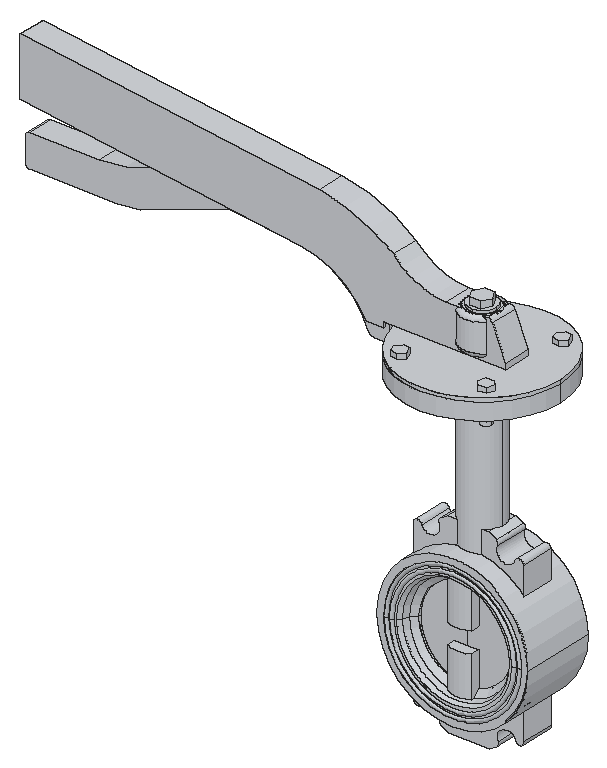
Revit family "R59WY005", category Plumbing Fixtures, Revit 2015
Reference planes
  plane 1 "Center (Front/Back)": y = 0
  plane 2: z = 0
  plane 3 "Center (Left/Right)": x = 0
  plane 4: z = 140
  plane 5: x = -260
  plane 6: z = 217
  plane 7: z = 187
  plane 8: z = -63.5
  plane 9: z = -30
  plane 10: z = 170
  plane 11: z = -30
  plane 12: y = -21.488
  plane 13: y = 21.512
Forms (mm)
  Extrusion 1, solid
    sketch origin (0, 0, 130) x (1, 0, 0) y (0, 1, 0)
      loop
        circle (0, 0) r 45
    from 0 to 10
  Extrusion 2, solid
    sketch origin (0, 0, -76.95) x (1, 0, 0) y (0, 1, 0)
      loop
        circle (0, 0) r 12
    from 118.947 to 206.95
  Revolve 3, solid
    sketch origin (0, 0, 0) x (0, 1, 0) y (0, 0, 1)
      loop
        line (-1.078, -33.5) -> (1.078, -33.5) -> (1.078, -32.566)
        arc (1.078, -32.566) -> (1.953, -31.132) -> (3.478, -30.429) r 2.888
        line (3.478, -30.429) -> (6.599, -30.429)
        arc (6.599, -30.429) -> (9.772, -28.687) -> (11.11, -25.324) r 5.351
        line (11.11, -25.324) -> (11.11, 0) -> (-11.11, 0) -> (-11.11, -27.759)
        arc (-11.11, -27.759) -> (-10.328, -29.647) -> (-8.44, -30.429) r 2.67
        line (-8.44, -30.429) -> (-3.478, -30.429)
        arc (-3.478, -30.429) -> (-1.953, -31.132) -> (-1.078, -32.566) r 2.888
        line (-1.078, -32.566) -> (-1.078, -33.5)
      axis (11.11, 0) -> (-11.11, 0)
    angle from 0 to 360
  Blend 4, solid
    base sketch origin (0, 0, -4.163) x (1, 0, 0) y (0, 1, 0)
      loop
        line (-6.883, 16.4) -> (-6.883, -16.4)
        arc (-6.883, -16.4) -> (0, -18.078) -> (6.883, -16.4) r 14.953
        line (6.883, -16.4) -> (6.883, 16.4)
        arc (6.883, 16.4) -> (0, 18.078) -> (-6.883, 16.4) r 14.953
    top sketch origin (0, 0, 0) x (1, 0, 0) y (0, 1, 0)
      loop
        line (-6.883, 16.4) -> (-6.883, -16.4)
        arc (-6.883, -16.4) -> (0, -18.078) -> (6.883, -16.4) r 14.953
        line (6.883, -16.4) -> (6.883, 16.4)
        arc (6.883, 16.4) -> (0, 18.078) -> (-6.883, 16.4) r 14.953
    from 10.163 to 29.985
  Blend 5, solid
    base sketch origin (0, 0, -38.601) x (0, -1, 0) y (1, 0, 0)
      loop
        line (-16.4, -6.883) -> (16.4, -6.883)
        arc (16.4, -6.883) -> (18.078, 0) -> (16.4, 6.883) r 14.953
        line (16.4, 6.883) -> (-16.4, 6.883)
        arc (-16.4, 6.883) -> (-18.078, 0) -> (-16.4, -6.883) r 14.953
    top sketch origin (0, 0, -35.117) x (0, -1, 0) y (1, 0, 0)
      loop
        line (-16.4, -6.883) -> (16.4, -6.883)
        arc (16.4, -6.883) -> (18.078, 0) -> (16.4, 6.883) r 14.953
        line (16.4, 6.883) -> (-16.4, 6.883)
        arc (-16.4, 6.883) -> (-18.078, 0) -> (-16.4, -6.883) r 14.953
    from 8.998 to 29.117
  Extrusion 6, solid
    sketch origin (99.126, -27.447, 142) x (0, -1, 0) y (1, 0, 0)
      loop
        line (3.99, -123.113) -> (0.805, -120.344) -> (-3.184, -121.718) -> (-3.99, -125.86) -> (-0.805, -128.628) -> (3.184, -127.254) -> (3.99, -123.113)
    from 0 to 3
  Extrusion 7, solid
    sketch origin (99.126, -27.447, 122) x (0, -1, 0) y (1, 0, 0)
      loop
        circle (0, -124.486) r 3
    from 2.505 to 20
  Extrusion 8, solid
    sketch origin (99.126, -27.447, 129) x (0, -1, 0) y (1, 0, 0)
      loop
        line (3.99, -123.113) -> (0.805, -120.344) -> (-3.184, -121.718) -> (-3.99, -125.86) -> (-0.805, -128.628) -> (3.184, -127.254) -> (3.99, -123.113)
      loop
        line (-3.444, -125.672) -> (-0.695, -128.061) -> (2.749, -126.876) -> (3.444, -123.301) -> (0.695, -120.911) -> (-2.749, -122.097) -> (-3.444, -125.672)
    from -1.968 to 1
  Extrusion 9, solid, not visible
    sketch origin (26.117, -96.518, 104.233) x (0, -1, 0) y (1, 0, 0)
      loop
        line (3.99, -123.113) -> (0.805, -120.344) -> (-3.184, -121.718) -> (-3.99, -125.86) -> (-0.805, -128.628) -> (3.184, -127.254) -> (3.99, -123.113)
    from 0 to 3
  Extrusion 10, solid, not visible
    sketch origin (26.117, -96.518, 84.233) x (0, -1, 0) y (1, 0, 0)
      loop
        circle (0, -124.486) r 3
    from 2.505 to 20
  Extrusion 11, solid, not visible
    sketch origin (26.117, -96.518, 91.233) x (0, -1, 0) y (1, 0, 0)
      loop
        line (3.99, -123.113) -> (0.805, -120.344) -> (-3.184, -121.718) -> (-3.99, -125.86) -> (-0.805, -128.628) -> (3.184, -127.254) -> (3.99, -123.113)
      loop
        line (-3.444, -125.672) -> (-0.695, -128.061) -> (2.749, -126.876) -> (3.444, -123.301) -> (0.695, -120.911) -> (-2.749, -122.097) -> (-3.444, -125.672)
    from -1.968 to 1
  Extrusion 12, solid
    sketch origin (0, 0, 140) x (1, 0, 0) y (0, 1, 0)
      loop
        circle (0, 0) r 45
    from 0 to 2
  Extrusion 13, solid
    sketch origin (99.126, -27.447, 142) x (0, -1, 0) y (1, 0, 0)
      loop
        line (-58.884, -123.113) -> (-58.079, -127.254) -> (-54.09, -128.628) -> (-50.905, -125.86) -> (-51.71, -121.718) -> (-55.7, -120.344) -> (-58.884, -123.113)
    from 0 to 3
  Extrusion 14, solid
    sketch origin (99.126, -27.447, 122) x (0, -1, 0) y (1, 0, 0)
      loop
        circle (-54.895, -124.486) r 3
    from 2.505 to 20
  Extrusion 15, solid
    sketch origin (99.126, -27.447, 129) x (0, -1, 0) y (1, 0, 0)
      loop
        line (-58.884, -123.113) -> (-58.079, -127.254) -> (-54.09, -128.628) -> (-50.905, -125.86) -> (-51.71, -121.718) -> (-55.7, -120.344) -> (-58.884, -123.113)
      loop
        line (-51.451, -125.672) -> (-52.146, -122.097) -> (-55.59, -120.911) -> (-58.339, -123.301) -> (-57.644, -126.876) -> (-54.2, -128.061) -> (-51.451, -125.672)
    from -1.968 to 1
  Extrusion 16, solid
    sketch origin (-100.376, 27.447, 142) x (0, 1, 0) y (-1, 0, 0)
      loop
        line (-58.884, -123.113) -> (-58.079, -127.254) -> (-54.09, -128.628) -> (-50.905, -125.86) -> (-51.71, -121.718) -> (-55.7, -120.344) -> (-58.884, -123.113)
    from 0 to 3
  Extrusion 17, solid
    sketch origin (-100.376, 27.447, 122) x (0, 1, 0) y (-1, 0, 0)
      loop
        circle (-54.895, -124.486) r 3
    from 2.505 to 20
  Extrusion 18, solid
    sketch origin (-100.376, 27.447, 129) x (0, 1, 0) y (-1, 0, 0)
      loop
        line (-58.884, -123.113) -> (-58.079, -127.254) -> (-54.09, -128.628) -> (-50.905, -125.86) -> (-51.71, -121.718) -> (-55.7, -120.344) -> (-58.884, -123.113)
      loop
        line (-51.451, -125.672) -> (-52.146, -122.097) -> (-55.59, -120.911) -> (-58.339, -123.301) -> (-57.644, -126.876) -> (-54.2, -128.061) -> (-51.451, -125.672)
    from -1.968 to 1
  Extrusion 19, solid
    sketch origin (-100.376, 27.447, 142) x (0, 1, 0) y (-1, 0, 0)
      loop
        line (3.99, -123.113) -> (0.805, -120.344) -> (-3.184, -121.718) -> (-3.99, -125.86) -> (-0.805, -128.628) -> (3.184, -127.254) -> (3.99, -123.113)
    from 0 to 3
  Extrusion 20, solid
    sketch origin (-100.376, 27.447, 122) x (0, 1, 0) y (-1, 0, 0)
      loop
        circle (0, -124.486) r 3
    from 2.505 to 20
  Extrusion 21, solid
    sketch origin (-100.376, 27.447, 129) x (0, 1, 0) y (-1, 0, 0)
      loop
        line (3.99, -123.113) -> (0.805, -120.344) -> (-3.184, -121.718) -> (-3.99, -125.86) -> (-0.805, -128.628) -> (3.184, -127.254) -> (3.99, -123.113)
      loop
        line (-3.444, -125.672) -> (-0.695, -128.061) -> (2.749, -126.876) -> (3.444, -123.301) -> (0.695, -120.911) -> (-2.749, -122.097) -> (-3.444, -125.672)
    from -1.968 to 1
  Extrusion 22, solid
    sketch origin (125.063, -27.447, 167.144) x (0, -1, 0) y (1, 0, 0)
      loop
        line (-32.638, -122.069) -> (-32.638, -128.062) -> (-27.447, -131.059) -> (-22.257, -128.062) -> (-22.257, -122.069) -> (-27.447, -119.072) -> (-32.638, -122.069)
    from -1.014 to 2.856
  Extrusion 23, solid
    sketch origin (124.477, -54.895, 162.2) x (0, -1, 0) y (1, 0, 0)
      loop
        circle (-54.895, -124.486) r 8
    from -22.2 to 3.931
  Sweep 24, solid
    path origin (0, 0, 0) x (1, 0, 0) y (0, 0, 1)
      loop
        circle (0, 0) r 43.5
    profile origin (0, 0, -43.5) x (0, 0, 1) y (0, -1, 0)
      loop
        line (16.683, -11.945) -> (16.683, 11.945) -> (13.454, 15.174) -> (12.517, 18.672) -> (10.888, 21.014) -> (9.28, 21.014)
        arc (9.28, 21.014) -> (8.267, 22.027) -> (7.253, 21.014) r 1.014
        line (7.253, 21.014) -> (5.98, 21.014)
        arc (5.98, 21.014) -> (4.966, 22.027) -> (3.952, 21.014) r 1.014
        line (3.952, 21.014) -> (0.625, 21.014) -> (0.625, -21.014) -> (3.952, -21.014)
        arc (3.952, -21.014) -> (4.966, -22.027) -> (5.98, -21.014) r 1.014
        line (5.98, -21.014) -> (7.253, -21.014)
        arc (7.253, -21.014) -> (8.267, -22.027) -> (9.28, -21.014) r 1.014
        line (9.28, -21.014) -> (10.888, -21.014) -> (12.517, -18.672) -> (13.454, -15.174) -> (16.683, -11.945)
  Revolve 25, solid
    sketch origin (0, 0, 0) x (1, 0, 0) y (0, 0, 1)
      loop
        line (-9.486, 143.746) -> (0, 143.746) -> (0, 165) -> (-9.486, 165)
        arc (-9.486, 165) -> (-11.259, 164.265) -> (-11.994, 162.492) r 2.508
        line (-11.994, 162.492) -> (-11.994, 146.254)
        arc (-11.994, 146.254) -> (-11.259, 144.481) -> (-9.486, 143.746) r 2.508
      axis (0, 143.746) -> (0, 165)
    angle from 0 to 360
  Sweep 26, solid
    path origin (-0.002, 0, 0) x (1, 0, 0) y (0, 0, 1)
      loop
        circle (0, 0) r 43.5
    profile origin (-0.002, 0, -43.5) x (0, 0, 1) y (0, -1, 0)
      loop
        line (0, 21.488) -> (0, -21.512) -> (3.948, -21.512) -> (3.948, 21.488) -> (0, 21.488)
  Extrusion 27, solid
    sketch origin (-0.01, 45.948, -140.577) x (1, 0, 0) y (0, 0, 1)
      loop
        arc (-14.408, 305.574) -> (-31.009, 309.172) -> (-44.632, 319.319) r 40.102
        arc (-44.632, 319.319) -> (-64.682, 331.561) -> (-87.387, 337.59) r 81.686
        line (-87.387, 337.59) -> (-259.322, 357.495)
        arc (-259.322, 357.495) -> (-259.796, 357.345) -> (-260, 356.891) r 0.608
        line (-260, 356.891) -> (-260, 323.702) -> (-98.154, 304.965)
        arc (-98.154, 304.965) -> (-76.145, 296.857) -> (-60.289, 279.573) r 49.8
        line (-60.289, 279.573) -> (-50.289, 279.573) -> (-50.289, 282.573) -> (19.968, 282.573) -> (19.968, 285.573) -> (12.265, 303.72)
        arc (12.265, 303.72) -> (11.146, 305.067) -> (9.47, 305.574) r 3.044
        line (9.47, 305.574) -> (-14.408, 305.574)
    from 37.966 to 54.11
  Extrusion 28, solid
    sketch origin (-37.793, 45.948, -215.091) x (1, 0, 0) y (0, 0, 1)
      loop
        arc (-22.093, 349.062) -> (-20.549, 347.09) -> (-18.159, 346.344) r 4.207
        line (-18.159, 346.344) -> (-9.636, 346.344) -> (-9.636, 357.087) -> (-17.519, 357.087)
        arc (-17.519, 357.087) -> (-19.393, 357.527) -> (-20.874, 358.756) r 4.207
        line (-20.874, 358.756) -> (-36.673, 388.468)
        arc (-36.673, 388.468) -> (-42.926, 395.877) -> (-51.675, 400.052) r 23.006
        line (-51.675, 400.052) -> (-121.464, 408.132)
        arc (-121.464, 408.132) -> (-146.554, 389.335) -> (-177.106, 382.301) r 75.785
        line (-177.106, 382.301) -> (-217.214, 382.301)
        arc (-217.214, 382.301) -> (-218.486, 381.806) -> (-219.141, 380.609) r 1.995
        line (-219.141, 380.609) -> (-219.141, 365.458)
        arc (-219.141, 365.458) -> (-218.486, 364.261) -> (-217.214, 363.766) r 1.995
        line (-217.214, 363.766) -> (-165.969, 363.766)
        arc (-165.969, 363.766) -> (-159.476, 364.161) -> (-153.041, 365.112) r 75.785
        line (-153.041, 365.112) -> (-102.034, 383.677) -> (-60.442, 378.862)
        arc (-60.442, 378.862) -> (-37.124, 369.314) -> (-22.17, 349.033) r 46.662
    from 38.356 to 53.486
  Extrusion 29, solid
    sketch origin (-3.69, 0.293, 18.428) x (1, 0, 0) y (0, 0, 1)
      loop
        arc (19.809, -71.788) -> (20.705, -70.506) -> (20.589, -68.955) r 2.274
        arc (20.589, -68.955) -> (23.4, -61.587) -> (30.638, -64.717) r 5.458
        arc (30.638, -64.717) -> (33.395, -66.474) -> (35.533, -64.001) r 2.5
        line (35.533, -64.001) -> (35.533, -47.891)
        arc (35.533, -47.891) -> (3.748, -61.693) -> (-28.036, -47.891) r 43.5
        line (-28.036, -47.891) -> (-28.036, -64.001)
        arc (-28.036, -64.001) -> (-25.898, -66.474) -> (-23.141, -64.717) r 2.5
        arc (-23.141, -64.717) -> (-15.903, -61.587) -> (-13.092, -68.955) r 5.458
        arc (-13.092, -68.955) -> (-13.208, -70.506) -> (-12.311, -71.787) r 2.274
        arc (-12.311, -71.787) -> (-10.209, -73.088) -> (-8.002, -74.203) r 28.535
        line (-8.002, -74.203) -> (15.502, -74.203)
        arc (15.502, -74.203) -> (17.708, -73.089) -> (19.809, -71.788) r 28.535
    from -9.388 to 9.974
  Extrusion 30, solid
    sketch origin (-3.065, 0.293, -17.957) x (1, 0, 0) y (0, 0, 1)
      loop
        arc (18.871, 71.163) -> (16.77, 72.464) -> (14.565, 73.578) r 28.535
        line (14.565, 73.578) -> (-8.94, 73.578)
        arc (-8.94, 73.578) -> (-11.147, 72.463) -> (-13.249, 71.162) r 28.535
        arc (-13.249, 71.162) -> (-14.145, 69.881) -> (-14.03, 68.33) r 2.274
        arc (-14.03, 68.33) -> (-16.841, 60.962) -> (-24.079, 64.092) r 5.458
        arc (-24.079, 64.092) -> (-26.836, 65.849) -> (-28.974, 63.376) r 2.5
        line (-28.974, 63.376) -> (-28.974, 47.266)
        arc (-28.974, 47.266) -> (2.811, 61.068) -> (34.596, 47.266) r 43.5
        line (34.596, 47.266) -> (34.596, 63.376)
        arc (34.596, 63.376) -> (32.458, 65.849) -> (29.701, 64.092) r 2.5
        arc (29.701, 64.092) -> (22.463, 60.962) -> (19.652, 68.33) r 5.458
        arc (19.652, 68.33) -> (19.767, 69.881) -> (18.871, 71.163) r 2.274
    from -9.388 to 9.974
Dimensions and locks
  locked: plane 2 to plane 4 at 140
  plane 3 "Center (Left/Right)" to plane 5 = 260 mm
  level to plane 6 = 217 mm
  plane 8 to level = 63.5 mm
  locked: plane 4 to plane 10 at 30
  plane 13 to plane 12 = 43 mm
  aligned and locked: level to plane 2
